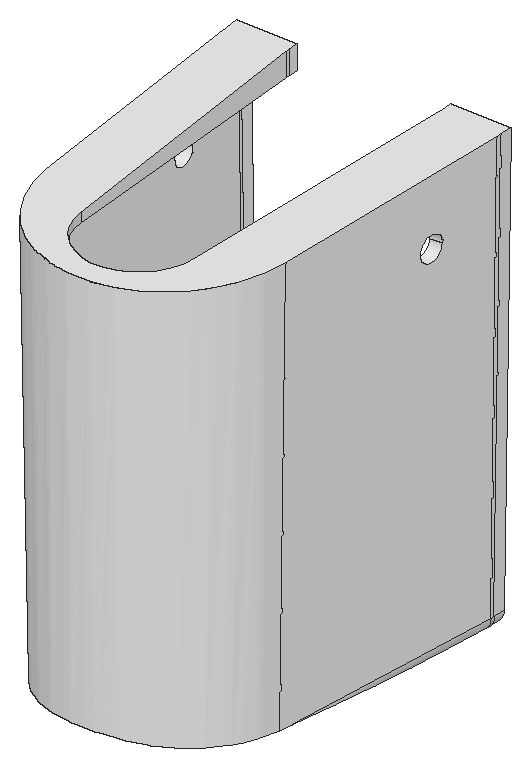
Revit family "Reece_Basin_LAUFEN_pro A_Semi Pedestal", category Plumbing Fixtures, Revit 2018
Family settings
  Round Connector Dimension = Use Diameter
  Part Type = Normal
  Work Plane-Based = Yes
  Always vertical = Yes
  Cut with Voids When Loaded = Yes
  Shared = Yes
  Room Calculation Point = Yes
Parameters (values of type "Vitreous China")
  URL = "https://www.reece.com.au/product/-9504468"
  Type Comments = "Basin"
  Reece_Product_Web Page = "https://www.reece.com.au/product/-9504468"
  Reece_Product_Type = "Basin"  # constant formula
  Reece_Product_Sub Brand = "pro A"  # constant formula
  Reece_Product_Number = "9504468"
  Reece_Product_Mount = "Wall Mounted"
  Reece_Product_Description = "LAUFEN Pro A Wall Basin Semi-Pedestal White"
  Reece_Product_Brand = "LAUFEN"  # constant formula
  Reece_Overall_Width = 210 mm  # constant formula
  Reece_Overall_Height = 345 mm  # constant formula
  Reece_Overall_Depth = 285 mm  # constant formula
  Reece_Material_Main = Reece_Vitreous China_White
  Reece_Height_From_Level = 900 mm
  Reece_Detail_Installation = ""
  Reece_Detail_Disclaimer = "THIS FILE IS THE PROPERTY OF THE REECE GROUP. IT MAY NOT BE REPRODUCED, REVERSE-ENGINEERED OR MODIFIED. ANY REPUBLICATION, TRANSMISSION OR DISTRIBUTION FOR THE PURPOSE OF COMMERCIALLY EXPLOITING THE FILES IS PROHIBITED."  # constant formula
  Reece_Detail_Connector = ""
  Reece_Detail_Additional = "Basin Pedestal"  # constant formula
  Model = "pro A"
  Manufacturer = "LAUFEN"
  Keynote = "Product #9504468, Reece_Basin_LAUFEN_pro A_Semi Pedestal - Vitreous China"
  Disclaimer = "THIS FILE IS THE PROPERTY OF THE REECE GROUP. IT MAY NOT BE REPRODUCED, REVERSE-ENGINEERED OR MODIFIED. ANY REPUBLICATION, TRANSMISSION OR DISTRIBUTION FOR THE PURPOSE OF COMMERCIALLY EXPLOITING THE FILES IS PROHIBITED."  # constant formula
  Description = "LAUFEN Pro A Wall Basin Semi-Pedestal White"
  Default Elevation = 0 mm
Types (2, lengths in mm): name | Keynote
  (no name) | "Product #9504468, Reece_Basin_LAUFEN_pro A_Semi Pedestal -  "
  Vitreous China | "Product #9504468, Reece_Basin_LAUFEN_pro A_Semi Pedestal - Vitreous China"
Reference planes
  plane 1 "Center (Front/Back)": y = 0
  plane 2 "Bottom Host Plane": z = -5
  plane 3 "Center (Left/Right)": x = 0
  plane 4 "Top host": z = 900
  plane 5 "bottom": z = 555
  plane 6: x = -105
  plane 7: x = 105
  plane 8: y = -285
  plane 9: z = 885
  plane 10: y = -70
  plane 11: z = 845
Forms (mm)
  Sweep 1, solid, material "Reece_Vitreous China_White" <- "Reece_Material_Main"
    path origin (0, 0, 555) x (-1, 0, 0) y (0, -1, 0)
      loop
        line (105, 0) -> (105, 9.472)
        arc (105, 9.472) -> (104.97, 11.217) -> (104.878, 12.96) r 50
        line (104.878, 12.96) -> (91.845, 199.349)
        arc (91.845, 199.349) -> (0, 284.996) -> (-91.845, 199.349) r 92.069
        line (-91.845, 199.349) -> (-104.878, 12.96)
        arc (-104.878, 12.96) -> (-104.97, 11.217) -> (-105, 9.472) r 50
        line (-105, 9.472) -> (-105, 0)
    profile origin (-105, -4.736, 555) x (1, 0, 0) y (0, 0, 1)
      loop
        arc (5.102, 9.846) -> (8.085, 2.875) -> (15.101, 0) r 10
        line (15.101, 0) -> (45, 0) -> (45, 20) -> (14.693, 20) -> (9.978, 326.508) -> (46.978, 326.508) -> (46.978, 361.508) -> (7.518, 361.508)
        arc (7.518, 361.508) -> (2.027, 359.209) -> (-0.187, 353.683) r 7.706
        line (-0.187, 353.683) -> (5.102, 9.846)
  Extrusion 2, solid, material "Reece_Vitreous China_White" <- "Reece_Material_Main"
    sketch origin (0, 0, 555) x (-1, 0, 0) y (0, 1, 0)
      loop
        line (65, -190) -> (65, 0) -> (-65, 0) -> (-65, -190)
        arc (-65, -190) -> (0, -255) -> (65, -190) r 65
    from -20 to 0
  Extrusion 3, void
    sketch origin (0, 0, 555) x (-1, 0, 0) y (0, -1, 0)
      loop
        line (59.022, 0) -> (59.022, 7.831)
        arc (59.022, 7.831) -> (58.993, 9.537) -> (58.906, 11.24) r 50
        line (58.906, 11.24) -> (44.195, 226.484)
        arc (44.195, 226.484) -> (-0.004, 267.764) -> (-44.201, 226.483) r 44.301
        line (-44.201, 226.483) -> (-58.906, 11.239)
        arc (-58.906, 11.239) -> (-58.993, 9.536) -> (-59.022, 7.831) r 50
        line (-59.022, 7.831) -> (-59.022, 0) -> (59.022, 0)
    from 104.242 to 408.852
  Extrusion 4, void
    sketch origin (0, 0, 0) x (0, 1, 0) y (0, 0, 1)
      loop
        line (20.493, 901.074) -> (20.493, 931.159) -> (-359.507, 931.159) -> (-359.507, 881.159) -> (20.493, 901.074)
    from -170.186 to 141.937
  Extrusion 5, void
    sketch origin (0, 0, 0) x (0, 1, 0) y (0, 0, 1)
      loop
        line (14.573, 554.236) -> (-249.657, 568.084)
        arc (-249.657, 568.084) -> (-280.983, 573.222) -> (-310.427, 585.086) r 144.3
        line (-310.427, 585.086) -> (-310.427, 515.086) -> (14.573, 515.086) -> (14.573, 554.236)
    from -145.994 to 161.711
  Extrusion 6, void
    sketch origin (0, 0, 0) x (0, 1, 0) y (0, 0, 1)
      loop
        circle (-70, 845) r 10
    from 59.022 to 115.342
  Extrusion 7, void
    sketch origin (0, 0, 0) x (0, 1, 0) y (0, 0, -1)
      loop
        circle (-70, -845) r 10
    from 59.022 to 115.342
Cuts and joins
  Extrusion 3, Extrusion 4, Extrusion 5, Extrusion 6, Extrusion 7 cuts Sweep 1
  Extrusion 3, Extrusion 5 cuts Extrusion 2
  joined: Sweep 1, Extrusion 2
Lines and regions (mm)
  model lines, style "InvisibleLines"
    curve 1: line (0, 0, -5) -> (0, 0, 900)
Text (mm)
  text "Reece ©" at (2750.254, -2396.412, 2870.147), in view "Reece Preview"
  text "Reece Copyright © 2018, Reece Ltd." at (-615.985, -694.172, 0), in view "Ref. Level"
Dimensions and locks
  "Reece_Height_From_Level": plane 4 "Top host" to level
  plane 8 to plane 1 "Center (Front/Back)" = 285 mm
  plane 6 to plane 7 = 210 mm
  "Reece_Overall_Height": plane 4 "Top host" to plane 5 "bottom"
  plane 9 to plane 5 "bottom" = 330 mm
  "Reece_Overall_Depth": curve 1 to plane 8
  "Reece_Overall_Width": plane 7 to plane 6
  "Reece_Overall_Height": plane 4 "Top host" to cut or joined group of Sweep 1, Extrusion 2, Extrusion 3, Extrusion 4, Extrusion 5, Extrusion 6, Extrusion 7
  curve 1 to plane 10 = 70 mm
  plane 4 "Top host" to plane 11 = 55 mm
  aligned and locked: plane 4 "Top host" to curve 1
  aligned and locked: plane 2 "Bottom Host Plane" to curve 1
Automatic sketch dimensions
  plane 1 "Center (Front/Back)" to Sweep 1 sketch curve = 0 mm  (x2)
  Sweep 1 sketch curve to plane 7 = 0 mm
  Sweep 1 sketch curve to plane 3 "Center (Left/Right)" = 0 mm
  Sweep 1 sketch curve to plane 6 = 0 mm
  Sweep 1 sketch curve to plane 7 = 0.122 mm
  Sweep 1 sketch curve to plane 7 = 13.155 mm
  plane 1 "Center (Front/Back)" to Sweep 1 sketch curve = 9.472 mm  (x2)
  Sweep 1 sketch curve to Sweep 1 sketch curve = 49.878 mm
  plane 6 to Sweep 1 sketch curve = 50 mm
  plane 6 to Sweep 1 sketch curve = 13.155 mm
  plane 6 to Sweep 1 sketch curve = 0.122 mm
  Sweep 1 sketch curve to plane 8 = 92.073 mm
  Sweep 1 sketch curve to plane 8 = 85.651 mm
  Sweep 1 sketch curve to plane 5 "bottom" = 0 mm
  profile plane to Sweep 1 sketch curve = 0.187 mm
  Sweep 1 sketch curve to profile plane = 5.102 mm
  Sweep 1 sketch curve to profile plane = 7.518 mm
  Sweep 1 sketch curve to profile plane = 9.978 mm
  Sweep 1 sketch curve to Sweep 1 sketch curve = 9.591 mm
  Sweep 1 sketch curve to Sweep 1 sketch curve = 9.999 mm
  Sweep 1 sketch curve to Sweep 1 sketch curve = 30.307 mm
  Sweep 1 sketch curve to Sweep 1 sketch curve = 37 mm
  Sweep 1 sketch curve to plane 5 "bottom" = 9.846 mm
  Sweep 1 sketch curve to Sweep 1 sketch curve = 10 mm
  Sweep 1 sketch curve to Sweep 1 sketch curve = 306.508 mm
  Sweep 1 sketch curve to Sweep 1 sketch curve = 27.175 mm
  Sweep 1 sketch curve to Sweep 1 sketch curve = 0.119 mm
  plane 1 "Center (Front/Back)" to Extrusion 2 sketch curve = 0 mm
  Extrusion 2 sketch curve to plane 3 "Center (Left/Right)" = 0 mm
  Extrusion 2 sketch curve to plane 7 = 40 mm
  Extrusion 2 sketch curve to plane 8 = 95 mm
  plane 1 "Center (Front/Back)" to Extrusion 3 sketch curve = 0 mm
  Extrusion 3 sketch curve to plane 7 = 45.978 mm
  plane 1 "Center (Front/Back)" to Extrusion 3 sketch curve = 11.239 mm
  Extrusion 3 sketch curve to Extrusion 3 sketch curve = 0.116 mm  (x2)
  plane 3 "Center (Left/Right)" to Extrusion 3 sketch curve = 44.201 mm
  plane 1 "Center (Front/Back)" to Extrusion 3 sketch curve = 7.831 mm
  plane 3 "Center (Left/Right)" to Extrusion 3 sketch curve = 0.003 mm
  Extrusion 3 sketch curve to plane 3 "Center (Left/Right)" = 9.022 mm
  Extrusion 3 sketch curve to plane 3 "Center (Left/Right)" = 44.195 mm
  plane 1 "Center (Front/Back)" to Extrusion 3 sketch curve = 11.24 mm
  plane 6 to Extrusion 3 sketch curve = 46.094 mm
  Extrusion 3 sketch curve to plane 8 = 61.537 mm
  Extrusion 3 sketch curve to Extrusion 3 sketch curve = 3.019 mm
  Extrusion 4 sketch curve to plane 9 = 3.841 mm
  plane 8 to Extrusion 4 sketch curve = 74.507 mm
  Extrusion 4 sketch curve to plane 1 "Center (Front/Back)" = 20.493 mm
  plane 4 "Top host" to Extrusion 4 sketch curve = 1.074 mm
  Extrusion 4 sketch curve to Extrusion 4 sketch curve = 30.085 mm
  plane 8 to Extrusion 5 sketch curve = 25.427 mm
  Extrusion 5 sketch curve to plane 5 "bottom" = 13.084 mm
  Extrusion 5 sketch curve to plane 8 = 35.343 mm
  Extrusion 5 sketch curve to plane 8 = 42.895 mm
  plane 5 "bottom" to Extrusion 5 sketch curve = 0.764 mm
  Extrusion 5 sketch curve to plane 1 "Center (Front/Back)" = 14.573 mm
  plane 5 "bottom" to Extrusion 5 sketch curve = 39.914 mm
  Extrusion 5 sketch curve to Extrusion 5 sketch curve = 17.002 mm
  plane 1 "Center (Front/Back)" to Extrusion 6 sketch curve = 70 mm
  Extrusion 6 sketch curve to plane 9 = 40 mm
  plane 1 "Center (Front/Back)" to Extrusion 7 sketch curve = 70 mm
  Extrusion 7 sketch curve to plane 9 = 40 mm
  radius of Extrusion 6 sketch curve = 10 mm
  radius of Extrusion 7 sketch curve = 10 mm
